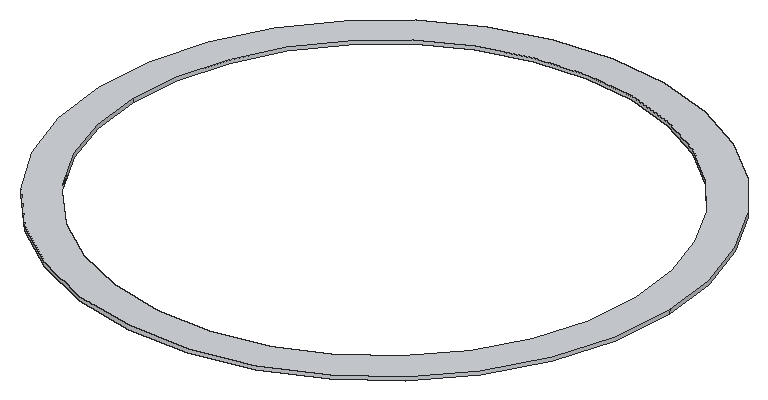
Revit family
Parameters (values of type "cerchio3.1_sweep_nidificato_stefano")
  raggio [instance] = 700 mm
  marker [instance] = 0
  Assembly Code = ""
  Altezza [instance] = 10 mm
Reference planes
  plane 1 "Centro (Fronte/Retro)": y = 0
  plane 2: z = 0
  plane 3 "Centro (Sinistra/Destra)": x = 0
  plane 4 "pianodilavoro": z = 10
  plane 5: x = 160
Forms (mm)
  Sweep 1, solid
    path in 3D
      loop
        arc (-700, 0, 0) -> (0, -700, 0) -> (700, 0, 0) r 700
        arc (700, 0, 0) -> (0, 700, 0) -> (-700, 0, 0) r 700
    profile "altezza2 : altezza2" origin (0, 700, 0) x (0, -1, 0) y (0, 0, 1)
      loop
        line (-90, 0) -> (0, 0) -> (0, 10) -> (-90, 10) -> (-90, 0)
Lines and regions (mm)
  model lines
    curve 1: circle (0, 0, 0) r 700 normal (0, 0, 1)
  sketch lines
    curve 2: circle (0, 0, 0) r 700 normal (0, 0, 1)
Dimensions and locks
  "Altezza": plane 4 "pianodilavoro" to plane 2
  "raggio": radius of curve 1
Automatic sketch dimensions
  plane 1 "Centro (Fronte/Retro)" to curve 1 = 0 mm
  curve 1 to plane 3 "Centro (Sinistra/Destra)" = 0 mm
